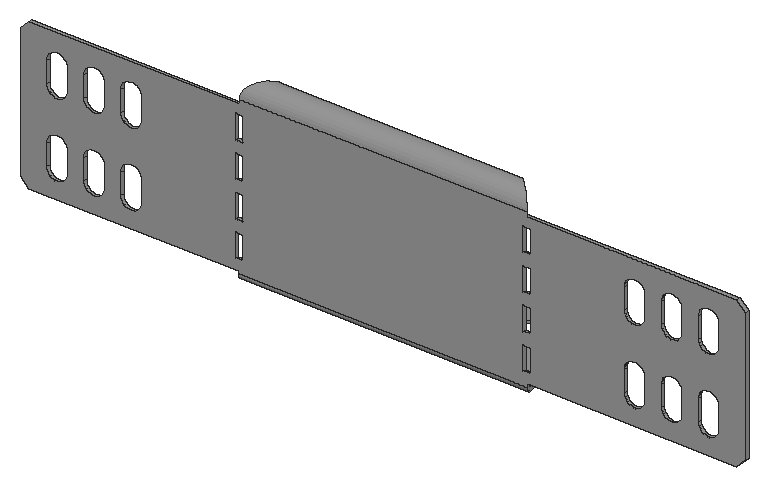
Revit family "Reduzierwinkel_Endabschluss RWEB 615 FS", category Generic Models, Revit 2017
Family settings
  Can host rebar = No
  Round Connector Dimension = Use Diameter
  Part Type = Normal
  Work Plane-Based = No
  Always vertical = Yes
  Cut with Voids When Loaded = No
  Shared = No
  Room Calculation Point = No
Parameters (values of type "RWEB 615 FS")
  URL = "http://www.obo-bettermann.com"
  Material = Strip galvanised
  Manufacturer Art.No. = "7109156"
  Manufacturer = "OBO BETTERMANN"
  GTIN = "4012196241699"
  Cut's number 2 = 3
  Cut's number = 2
  Article Type = "RWEB 615 FS"
Reference planes
  plane 1 "Center (Front/Back)": y = 0
  plane 2: z = 0
  plane 3 "Center (Left/Right)": x = 0
  plane 4: y = 12.5
  plane 5: x = 245
  plane 6: x = 122.5
  plane 7: x = 73.76
  plane 8: x = 171.24
  plane 9: z = 3
  plane 10: x = 122.5
  plane 11: x = 171
  plane 12: x = 74
  plane 13: z = 28.014
  plane 14: z = 40.514
  plane 15: z = 15.514
  plane 16: x = 12.5
  plane 17: z = 28.014
  plane 18: z = 40.514
  plane 19: z = 15.514
  plane 20: x = 25
  plane 21: z = 28.014
  plane 22: z = 40.514
  plane 23: z = 15.514
  plane 24: x = 37.501
  plane 25: z = 3.014
  plane 26: z = 15.514
  plane 27: z = -9.486
  plane 28: x = 12.5
  plane 29: z = 3.014
  plane 30: z = 15.514
  plane 31: z = -9.486
  plane 32: x = 25
  plane 33: z = 3.014
  plane 34: z = 15.514
  plane 35: z = -9.486
  plane 36: x = 37.501
  plane 37: z = 28.014
  plane 38: z = 40.514
  plane 39: z = 15.514
  plane 40: x = 232.5
  plane 41: z = 28.014
  plane 42: z = 40.514
  plane 43: z = 15.514
  plane 44: x = 220
  plane 45: z = 28.014
  plane 46: z = 40.514
  plane 47: z = 15.514
  plane 48: x = 207.499
  plane 49: z = 3.014
  plane 50: z = 15.514
  plane 51: z = -9.486
  plane 52: x = 232.5
  plane 53: z = 3.014
  plane 54: z = 15.514
  plane 55: z = -9.486
  plane 56: x = 220
  plane 57: z = 3.014
  plane 58: z = 15.514
  plane 59: z = -9.486
  plane 60: x = 207.499
  plane 61: z = 6.5
  plane 62: z = 18.454
  plane 63: z = 30.408
  plane 64: z = 42.428
  plane 65: z = 6.5
  plane 66: z = 18.454
  plane 67: z = 30.408
  plane 68: z = 42.428
  plane 69: y = 25
  plane 70: x = 147.5
  plane 71: x = 97.5
  plane 72: y = 25
  plane 73: x = 172.5
  plane 74: x = 122.5
  plane 75: y = 25
  plane 76: x = 122.5
  plane 77: x = 72.5
Forms (mm)
  Extrusion 1, solid, material "Strip galvanised" <- "Material"
    sketch origin (0, 0, 0) x (0, 1, 0) y (0, 0, 1)
      loop
        line (2, 0) -> (40, 0) -> (40, 1) -> (2, 1)
        arc (2, 1) -> (1.293, 1.293) -> (1, 2) r 1
        line (1, 2) -> (1, 55)
        arc (1, 55) -> (3.179, 58.561) -> (7.341, 58.243) r 4
        line (7.341, 58.243) -> (11.793, 53.792) -> (12.5, 54.499) -> (7.995, 59.004)
        arc (7.995, 59.004) -> (2.761, 59.471) -> (0, 55) r 5
        line (0, 55) -> (0, 2)
        arc (0, 2) -> (0.586, 0.586) -> (2, 0) r 2
    from 0 to 245
  Extrusion 2, void
    sketch origin (0, 0, 0) x (1, 0, 0) y (0, 1, 0)
      loop
        line (171.24, 0) -> (245, 0) -> (245, 40) -> (160.522, 40) -> (171.24, 0)
      loop
        line (73.76, 0) -> (84.478, 40) -> (0, 40) -> (0, 0) -> (73.76, 0)
    from 0 to 3
  Extrusion 3, void
    sketch origin (0, 0, 0) x (1, 0, 0) y (0, 1, 0)
      loop
        line (171, 0) -> (245, 0) -> (245, 12.5) -> (158.5, 12.5) -> (171, 0)
      loop
        line (0, 0) -> (74, 0) -> (86.5, 12.5) -> (0, 12.5) -> (0, 0)
    from 53.514 to 60.372
  Extrusion 4, void
    sketch origin (0, 0, 0) x (1, 0, 0) y (0, 0, 1)
      loop
        line (245, 53.514) -> (242.037, 53.514) -> (245, 50.551) -> (245, 53.514)
      loop
        line (0, 53.514) -> (0, 50.562) -> (2.952, 53.514) -> (0, 53.514)
      loop
        line (0, 3) -> (2.978, 3) -> (0, 5.978) -> (0, 3)
      loop
        line (245, 3) -> (245, 6.002) -> (241.998, 3) -> (245, 3)
    from 0 to -1
  Extrusion 5, void
    sketch origin (245, 0, 0) x (-1, 0, 0) y (0, 0, 1)
      loop
        line (236, 37.014) -> (236, 44.014)
        arc (236, 44.014) -> (232.5, 47.514) -> (229, 44.014) r 3.5
        line (229, 44.014) -> (229, 37.014)
        arc (229, 37.014) -> (232.5, 33.514) -> (236, 37.014) r 3.5
    from 1 to 0
  Extrusion 6, void
    sketch origin (232.5, 0, 0) x (-1, 0, 0) y (0, 0, 1)
      loop
        line (210.999, 37.014) -> (210.999, 44.014)
        arc (210.999, 44.014) -> (207.499, 47.514) -> (203.999, 44.014) r 3.5
        line (203.999, 44.014) -> (203.999, 37.014)
        arc (203.999, 37.014) -> (207.499, 33.514) -> (210.999, 37.014) r 3.5
    from 1 to 0
  Extrusion 7, void
    sketch origin (219.999, 0, 0) x (-1, 0, 0) y (0, 0, 1)
      loop
        line (185.998, 37.014) -> (185.998, 44.014)
        arc (185.998, 44.014) -> (182.498, 47.514) -> (178.998, 44.014) r 3.5
        line (178.998, 44.014) -> (178.998, 37.014)
        arc (178.998, 37.014) -> (182.498, 33.514) -> (185.998, 37.014) r 3.5
    from 1 to 0
  Extrusion 8, void
    sketch origin (0, 0, -25) x (1, 0, 0) y (0, 0, 1)
      loop
        arc (9, 37.014) -> (12.5, 33.514) -> (16, 37.014) r 3.5
        line (16, 37.014) -> (16, 44.014)
        arc (16, 44.014) -> (12.5, 47.514) -> (9, 44.014) r 3.5
        line (9, 44.014) -> (9, 37.014)
    from 0 to -1
  Extrusion 9, void
    sketch origin (12.5, 0, -25) x (1, 0, 0) y (0, 0, 1)
      loop
        arc (9, 37.014) -> (12.5, 33.514) -> (16, 37.014) r 3.5
        line (16, 37.014) -> (16, 44.014)
        arc (16, 44.014) -> (12.5, 47.514) -> (9, 44.014) r 3.5
        line (9, 44.014) -> (9, 37.014)
    from 0 to -1
  Extrusion 10, void
    sketch origin (25.001, 0, -25) x (1, 0, 0) y (0, 0, 1)
      loop
        arc (9, 37.014) -> (12.5, 33.514) -> (16, 37.014) r 3.5
        line (16, 37.014) -> (16, 44.014)
        arc (16, 44.014) -> (12.5, 47.514) -> (9, 44.014) r 3.5
        line (9, 44.014) -> (9, 37.014)
    from 0 to -1
  Extrusion 11, void
    sketch origin (0, 0, 0) x (1, 0, 0) y (0, 0, 1)
      loop
        line (236, 37.014) -> (236, 44.014)
        arc (236, 44.014) -> (232.5, 47.514) -> (229, 44.014) r 3.5
        line (229, 44.014) -> (229, 37.014)
        arc (229, 37.014) -> (232.5, 33.514) -> (236, 37.014) r 3.5
    from 0 to -1
  Extrusion 12, void
    sketch origin (12.5, 0, 0) x (1, 0, 0) y (0, 0, 1)
      loop
        line (210.999, 37.014) -> (210.999, 44.014)
        arc (210.999, 44.014) -> (207.499, 47.514) -> (203.999, 44.014) r 3.5
        line (203.999, 44.014) -> (203.999, 37.014)
        arc (203.999, 37.014) -> (207.499, 33.514) -> (210.999, 37.014) r 3.5
    from 0 to -1
  Extrusion 13, void
    sketch origin (25.001, 0, 0) x (1, 0, 0) y (0, 0, 1)
      loop
        line (185.998, 37.014) -> (185.998, 44.014)
        arc (185.998, 44.014) -> (182.498, 47.514) -> (178.998, 44.014) r 3.5
        line (178.998, 44.014) -> (178.998, 37.014)
        arc (178.998, 37.014) -> (182.498, 33.514) -> (185.998, 37.014) r 3.5
    from 0 to -1
  Extrusion 14, void
    sketch origin (0, 0, -25) x (1, 0, 0) y (0, 0, 1)
      loop
        line (236, 37.014) -> (236, 44.014)
        arc (236, 44.014) -> (232.5, 47.514) -> (229, 44.014) r 3.5
        line (229, 44.014) -> (229, 37.014)
        arc (229, 37.014) -> (232.5, 33.514) -> (236, 37.014) r 3.5
    from 0 to -1
  Extrusion 15, void
    sketch origin (12.5, 0, -25) x (1, 0, 0) y (0, 0, 1)
      loop
        line (210.999, 37.014) -> (210.999, 44.014)
        arc (210.999, 44.014) -> (207.499, 47.514) -> (203.999, 44.014) r 3.5
        line (203.999, 44.014) -> (203.999, 37.014)
        arc (203.999, 37.014) -> (207.499, 33.514) -> (210.999, 37.014) r 3.5
    from 0 to -1
  Extrusion 16, void
    sketch origin (25.001, 0, -25) x (1, 0, 0) y (0, 0, 1)
      loop
        line (185.998, 37.014) -> (185.998, 44.014)
        arc (185.998, 44.014) -> (182.498, 47.514) -> (178.998, 44.014) r 3.5
        line (178.998, 44.014) -> (178.998, 37.014)
        arc (178.998, 37.014) -> (182.498, 33.514) -> (185.998, 37.014) r 3.5
    from 0 to -1
  Extrusion 17, void
    sketch origin (0, 0, 0) x (1, 0, 0) y (0, 0, 1)
      loop
        line (72.75, 6.5) -> (75.25, 6.5) -> (75.25, 14.5) -> (72.75, 14.5) -> (72.75, 6.5)
    from 0 to -1
  Extrusion 18, void
    sketch origin (0, 0, 11.954) x (1, 0, 0) y (0, 0, 1)
      loop
        line (72.75, 6.5) -> (75.25, 6.5) -> (75.25, 14.5) -> (72.75, 14.5) -> (72.75, 6.5)
    from 0 to -1
  Extrusion 19, void
    sketch origin (0, 0, 23.908) x (1, 0, 0) y (0, 0, 1)
      loop
        line (72.75, 6.5) -> (75.25, 6.5) -> (75.25, 14.5) -> (72.75, 14.5) -> (72.75, 6.5)
    from 0 to -1
  Extrusion 20, void
    sketch origin (0, 0, 35.928) x (1, 0, 0) y (0, 0, 1)
      loop
        line (72.75, 6.5) -> (75.25, 6.5) -> (75.25, 14.5) -> (72.75, 14.5) -> (72.75, 6.5)
    from 0 to -1
  Extrusion 21, void
    sketch origin (245, 0, 0) x (-1, 0, 0) y (0, 0, -1)
      loop
        line (72.75, -6.5) -> (72.75, -14.5) -> (75.25, -14.5) -> (75.25, -6.5) -> (72.75, -6.5)
    from 0 to -1
  Extrusion 22, void
    sketch origin (245, 0, 11.954) x (-1, 0, 0) y (0, 0, -1)
      loop
        line (72.75, -6.5) -> (72.75, -14.5) -> (75.25, -14.5) -> (75.25, -6.5) -> (72.75, -6.5)
    from 0 to -1
  Extrusion 23, void
    sketch origin (245, 0, 23.908) x (-1, 0, 0) y (0, 0, -1)
      loop
        line (72.75, -6.5) -> (72.75, -14.5) -> (75.25, -14.5) -> (75.25, -6.5) -> (72.75, -6.5)
    from 0 to -1
  Extrusion 24, void
    sketch origin (245, 0, 35.928) x (-1, 0, 0) y (0, 0, -1)
      loop
        line (72.75, -6.5) -> (72.75, -14.5) -> (75.25, -14.5) -> (75.25, -6.5) -> (72.75, -6.5)
    from 0 to -1
  Extrusion 25, void
    sketch origin (0, 0, 0) x (1, 0, 0) y (0, 1, 0)
      loop
        line (120.029, 27.471) -> (111.143, 18.585)
        arc (111.143, 18.585) -> (111.119, 13.77) -> (115.924, 13.473) r 3.505
        line (115.924, 13.473) -> (124.975, 22.525) -> (134.074, 31.625)
        arc (134.074, 31.625) -> (133.814, 36.314) -> (129.125, 36.574) r 3.522
        line (129.125, 36.574) -> (120.029, 27.471)
    from 1 to 0
  Extrusion 26, void
    sketch origin (25, 0, 0) x (1, 0, 0) y (0, 1, 0)
      loop
        line (120.029, 27.471) -> (111.143, 18.585)
        arc (111.143, 18.585) -> (111.119, 13.77) -> (115.924, 13.473) r 3.505
        line (115.924, 13.473) -> (124.975, 22.525) -> (134.074, 31.625)
        arc (134.074, 31.625) -> (133.814, 36.314) -> (129.125, 36.574) r 3.522
        line (129.125, 36.574) -> (120.029, 27.471)
    from 1 to 0
  Extrusion 27, void
    sketch origin (-25, 0, 0) x (1, 0, 0) y (0, 1, 0)
      loop
        line (120.029, 27.471) -> (111.143, 18.585)
        arc (111.143, 18.585) -> (111.119, 13.77) -> (115.924, 13.473) r 3.505
        line (115.924, 13.473) -> (124.975, 22.525) -> (134.074, 31.625)
        arc (134.074, 31.625) -> (133.814, 36.314) -> (129.125, 36.574) r 3.522
        line (129.125, 36.574) -> (120.029, 27.471)
    from 1 to 0
Cuts and joins
  Extrusion 2, Extrusion 3, Extrusion 4, Extrusion 5, Extrusion 6, Extrusion 7, Extrusion 8, Extrusion 9, Extrusion 10, Extrusion 11, Extrusion 12, Extrusion 13, Extrusion 14, Extrusion 15, Extrusion 16, Extrusion 17, Extrusion 18, Extrusion 19, Extrusion 20, Extrusion 21, Extrusion 22, Extrusion 23, Extrusion 24, Extrusion 25, Extrusion 26, Extrusion 27 cuts Extrusion 1
Dimensions and locks
  locked: Extrusion 1 sketch curve to Extrusion 1 sketch curve at 60
  locked: Extrusion 1 sketch curve to Extrusion 1 sketch curve at 12.5
  locked: Extrusion 1 sketch curve to Extrusion 1 sketch curve at 1  (x3)
  locked: Extrusion 1 sketch curve to Extrusion 1 sketch curve at 40
  locked: plane 5 to plane 3 "Center (Left/Right)" at 245
  locked: plane 3 "Center (Left/Right)" to plane 6 at 122.5
  plane 9 to level = 3 mm
  locked: plane 3 "Center (Left/Right)" to plane 10 at 122.5
  locked: cut or joined group 1 (Extrusion 1, Extrusion 2, Extrusion 3, Extrusion 4, Extrusion 5, Extrusion 6, Extrusion 7, Extrusion 8, Extrusion 9, Extrusion 10, Extrusion 11, Extrusion 12, Extrusion 13, Extrusion 14, Extrusion 15, Extrusion 16, Extrusion 17, Extrusion 18, Extrusion 19, Extrusion 20, Extrusion 21, Extrusion 22, Extrusion 23, Extrusion 24, Extrusion 25, Extrusion 26, Extrusion 27) to cut or joined group 1 at 50.514
  locked: Extrusion 5 sketch curve to Extrusion 5 sketch curve at 7
  locked: Extrusion 5 sketch curve to plane 16 at 3.5
  locked: Extrusion 5 sketch curve to plane 14 at 7
  locked: plane 14 to Extrusion 5 sketch curve at 7
  locked: Extrusion 6 sketch curve to Extrusion 6 sketch curve at 7
  locked: Extrusion 6 sketch curve to plane 20 at 3.5
  locked: Extrusion 6 sketch curve to plane 18 at 7
  locked: plane 18 to Extrusion 6 sketch curve at 7
  locked: Extrusion 7 sketch curve to Extrusion 7 sketch curve at 7
  locked: Extrusion 7 sketch curve to plane 24 at 3.5
  locked: Extrusion 7 sketch curve to plane 22 at 7
  locked: plane 22 to Extrusion 7 sketch curve at 7
  locked: Extrusion 8 sketch curve to Extrusion 8 sketch curve at 7
  locked: plane 28 to Extrusion 8 sketch curve at 3.5
  locked: Extrusion 8 sketch curve to plane 26 at 7
  locked: plane 26 to Extrusion 8 sketch curve at 7
  locked: Extrusion 9 sketch curve to Extrusion 9 sketch curve at 7
  locked: plane 32 to Extrusion 9 sketch curve at 3.5
  locked: Extrusion 9 sketch curve to plane 30 at 7
  locked: plane 30 to Extrusion 9 sketch curve at 7
  locked: Extrusion 10 sketch curve to Extrusion 10 sketch curve at 7
  locked: plane 36 to Extrusion 10 sketch curve at 3.5
  locked: Extrusion 10 sketch curve to plane 34 at 7
  locked: plane 34 to Extrusion 10 sketch curve at 7
  locked: Extrusion 11 sketch curve to Extrusion 11 sketch curve at 7
  locked: Extrusion 11 sketch curve to plane 40 at 3.5
  locked: Extrusion 11 sketch curve to plane 38 at 7
  locked: plane 38 to Extrusion 11 sketch curve at 7
  locked: Extrusion 12 sketch curve to Extrusion 12 sketch curve at 7
  locked: Extrusion 12 sketch curve to plane 44 at 3.5
  locked: Extrusion 12 sketch curve to plane 42 at 7
  locked: plane 42 to Extrusion 12 sketch curve at 7
  locked: Extrusion 13 sketch curve to Extrusion 13 sketch curve at 7
  locked: Extrusion 13 sketch curve to plane 48 at 3.5
  locked: Extrusion 13 sketch curve to plane 46 at 7
  locked: plane 46 to Extrusion 13 sketch curve at 7
  locked: Extrusion 14 sketch curve to Extrusion 14 sketch curve at 7
  locked: Extrusion 14 sketch curve to plane 52 at 3.5
  locked: Extrusion 14 sketch curve to plane 50 at 7
  locked: plane 50 to Extrusion 14 sketch curve at 7
  locked: Extrusion 15 sketch curve to Extrusion 15 sketch curve at 7
  locked: Extrusion 15 sketch curve to plane 56 at 3.5
  locked: Extrusion 15 sketch curve to plane 54 at 7
  locked: plane 54 to Extrusion 15 sketch curve at 7
  locked: Extrusion 16 sketch curve to Extrusion 16 sketch curve at 7
  locked: Extrusion 16 sketch curve to plane 60 at 3.5
  locked: Extrusion 16 sketch curve to plane 58 at 7
  locked: plane 58 to Extrusion 16 sketch curve at 7
  locked: Extrusion 17 sketch curve to Extrusion 17 sketch curve at 2.5
  Extrusion 17 sketch curve to plane 61 = 8 mm
  locked: Extrusion 18 sketch curve to Extrusion 18 sketch curve at 2.5
  Extrusion 18 sketch curve to plane 62 = 8 mm
  locked: Extrusion 19 sketch curve to Extrusion 19 sketch curve at 2.5
  Extrusion 19 sketch curve to plane 63 = 8 mm
  locked: Extrusion 20 sketch curve to Extrusion 20 sketch curve at 2.5
  Extrusion 20 sketch curve to plane 64 = 8 mm
  locked: Extrusion 21 sketch curve to Extrusion 21 sketch curve at 2.5
  plane 65 to Extrusion 21 sketch curve = 8 mm
  locked: Extrusion 22 sketch curve to Extrusion 22 sketch curve at 2.5
  plane 66 to Extrusion 22 sketch curve = 8 mm
  locked: Extrusion 23 sketch curve to Extrusion 23 sketch curve at 2.5
  Extrusion 23 sketch curve to plane 67 = 8 mm
  locked: Extrusion 24 sketch curve to Extrusion 24 sketch curve at 2.5
  Extrusion 24 sketch curve to plane 68 = 8 mm
  group 6 to group 5 = 25 mm
  group 5 to group 6 = 0 mm  (x2)
  radius of Extrusion 1 sketch curve = 4 mm
  locked: plane 11 to Extrusion 3 sketch curve (angle 45.00°)
  locked: Extrusion 3 sketch curve to plane 12 (angle 45.00°)
  aligned and locked: level to plane 2
  aligned and locked: Extrusion 1 to level
  aligned and locked: plane 1 "Center (Front/Back)" to Extrusion 1
  aligned and locked: plane 5 to Extrusion 1
  aligned and locked: Extrusion 1 to plane 3 "Center (Left/Right)"
  aligned and locked: Extrusion 2 to level
  aligned and locked: Extrusion 2 to plane 9
  aligned and locked: Extrusion 2 to plane 2
  aligned and locked: plane 1 "Center (Front/Back)" to Extrusion 2
  aligned and locked: plane 1 "Center (Front/Back)" to Extrusion 3
  aligned and locked: plane 1 "Center (Front/Back)" to Extrusion 4
  aligned and locked: Extrusion 1 to Extrusion 4
  aligned and locked: Extrusion 1 to Extrusion 20
  aligned and locked: Extrusion 1 to Extrusion 19
  aligned and locked: Extrusion 1 to Extrusion 18
  aligned and locked: Extrusion 1 to Extrusion 17
  aligned and locked: plane 1 "Center (Front/Back)" to Extrusion 7
  aligned and locked: plane 1 "Center (Front/Back)" to Extrusion 6
  aligned and locked: Extrusion 1 to Extrusion 5
  aligned and locked: plane 1 "Center (Front/Back)" to Extrusion 5
  aligned and locked: Extrusion 1 to Extrusion 25
  aligned and locked: Extrusion 25 to level
Automatic sketch dimensions
  Extrusion 1 sketch curve to Extrusion 1 sketch curve = 0 mm  (x4)
  Extrusion 1 sketch curve to plane 1 "Center (Front/Back)" = 0 mm
  Extrusion 1 sketch curve to level = 0 mm
  Extrusion 1 sketch curve to plane 9 = 1 mm
  Extrusion 1 sketch curve to Extrusion 1 sketch curve = 2.341 mm
  level to Extrusion 1 sketch curve = 59.004 mm
  Extrusion 2 sketch curve to plane 3 "Center (Left/Right)" = 0 mm
  plane 1 "Center (Front/Back)" to Extrusion 2 sketch curve = 0 mm  (x2)
  Extrusion 2 sketch curve to plane 7 = 0 mm
  Extrusion 2 sketch curve to plane 8 = 0 mm
  Extrusion 2 sketch curve to plane 5 = 0 mm
  plane 12 to Extrusion 2 sketch curve = 10.478 mm
  Extrusion 2 sketch curve to plane 11 = 10.478 mm
  Extrusion 2 sketch curve to plane 1 "Center (Front/Back)" = 40 mm  (x2)
  plane 1 "Center (Front/Back)" to Extrusion 3 sketch curve = 0 mm  (x2)
  Extrusion 3 sketch curve to plane 3 "Center (Left/Right)" = 0 mm
  Extrusion 3 sketch curve to plane 12 = 0 mm
  Extrusion 3 sketch curve to plane 11 = 0 mm
  Extrusion 3 sketch curve to plane 5 = 0 mm
  Extrusion 3 sketch curve to plane 1 "Center (Front/Back)" = 12.5 mm  (x2)
  Extrusion 4 sketch curve to plane 3 "Center (Left/Right)" = 0 mm  (x2)
  Extrusion 4 sketch curve to plane 9 = 0 mm  (x2)
  Extrusion 4 sketch curve to plane 5 = 0 mm  (x2)
  plane 3 "Center (Left/Right)" to Extrusion 4 sketch curve = 2.952 mm
  plane 3 "Center (Left/Right)" to Extrusion 4 sketch curve = 2.978 mm
  Extrusion 4 sketch curve to plane 5 = 3.002 mm
  Extrusion 4 sketch curve to Extrusion 4 sketch curve = 2.963 mm  (x2)
  Extrusion 4 sketch curve to Extrusion 4 sketch curve = 2.978 mm
  plane 9 to Extrusion 4 sketch curve = 3.002 mm
  Extrusion 4 sketch curve to Extrusion 4 sketch curve = 44.549 mm
  Extrusion 4 sketch curve to Extrusion 4 sketch curve = 44.584 mm
  Extrusion 4 sketch curve to Extrusion 4 sketch curve = 2.952 mm
  Extrusion 17 sketch curve to plane 61 = 0 mm
  Extrusion 17 sketch curve to plane 12 = 1.25 mm
  Extrusion 17 sketch curve to Extrusion 17 sketch curve = 8 mm
  Extrusion 18 sketch curve to plane 62 = 0 mm
  Extrusion 18 sketch curve to plane 12 = 1.25 mm
  Extrusion 18 sketch curve to Extrusion 18 sketch curve = 8 mm
  Extrusion 19 sketch curve to plane 63 = 0 mm
  Extrusion 19 sketch curve to plane 12 = 1.25 mm
  Extrusion 19 sketch curve to Extrusion 19 sketch curve = 8 mm
  Extrusion 20 sketch curve to plane 64 = 0 mm
  Extrusion 20 sketch curve to plane 12 = 1.25 mm
  Extrusion 20 sketch curve to Extrusion 20 sketch curve = 8 mm
  Extrusion 21 sketch curve to plane 65 = 0 mm
  plane 11 to Extrusion 21 sketch curve = 1.25 mm
  Extrusion 21 sketch curve to Extrusion 21 sketch curve = 8 mm
  Extrusion 22 sketch curve to plane 66 = 0 mm
  plane 11 to Extrusion 22 sketch curve = 1.25 mm
  Extrusion 22 sketch curve to Extrusion 22 sketch curve = 8 mm
  Extrusion 23 sketch curve to plane 67 = 0 mm
  Extrusion 23 sketch curve to plane 11 = 1.25 mm
  Extrusion 23 sketch curve to Extrusion 23 sketch curve = 8 mm
  Extrusion 24 sketch curve to plane 68 = 0 mm
  Extrusion 24 sketch curve to plane 11 = 1.25 mm
  Extrusion 24 sketch curve to Extrusion 24 sketch curve = 8 mm
  Extrusion 25 sketch curve to Extrusion 25 sketch curve = 2.246 mm
  Extrusion 25 sketch curve to Extrusion 25 sketch curve = 2.199 mm  (x2)
  plane 69 to Extrusion 25 sketch curve = 6.625 mm
  Extrusion 25 sketch curve to Extrusion 25 sketch curve = 2.751 mm
  Extrusion 25 sketch curve to plane 69 = 2.475 mm
  Extrusion 25 sketch curve to Extrusion 25 sketch curve = 2.691 mm
  plane 69 to Extrusion 25 sketch curve = 2.471 mm
  Extrusion 25 sketch curve to Extrusion 25 sketch curve = 2.536 mm
  Extrusion 25 sketch curve to plane 69 = 6.415 mm
  plane 71 to Extrusion 25 sketch curve = 13.643 mm
  Extrusion 25 sketch curve to Extrusion 25 sketch curve = 8.886 mm
  Extrusion 25 sketch curve to Extrusion 25 sketch curve = 4.946 mm
  Extrusion 25 sketch curve to Extrusion 25 sketch curve = 9.096 mm
  Extrusion 26 sketch curve to Extrusion 26 sketch curve = 2.246 mm
  Extrusion 26 sketch curve to Extrusion 26 sketch curve = 2.199 mm  (x2)
  plane 72 to Extrusion 26 sketch curve = 6.625 mm
  Extrusion 26 sketch curve to Extrusion 26 sketch curve = 2.751 mm
  Extrusion 26 sketch curve to plane 72 = 2.475 mm
  Extrusion 26 sketch curve to Extrusion 26 sketch curve = 2.691 mm
  plane 72 to Extrusion 26 sketch curve = 2.471 mm
  Extrusion 26 sketch curve to Extrusion 26 sketch curve = 2.536 mm
  Extrusion 26 sketch curve to plane 72 = 6.415 mm
  plane 74 to Extrusion 26 sketch curve = 13.643 mm
  Extrusion 26 sketch curve to Extrusion 26 sketch curve = 8.886 mm
  Extrusion 26 sketch curve to Extrusion 26 sketch curve = 4.946 mm
  Extrusion 26 sketch curve to Extrusion 26 sketch curve = 9.096 mm
  Extrusion 27 sketch curve to Extrusion 27 sketch curve = 2.246 mm
  Extrusion 27 sketch curve to Extrusion 27 sketch curve = 2.199 mm  (x2)
  plane 75 to Extrusion 27 sketch curve = 6.625 mm
  Extrusion 27 sketch curve to Extrusion 27 sketch curve = 2.751 mm
  Extrusion 27 sketch curve to plane 75 = 2.475 mm
  Extrusion 27 sketch curve to Extrusion 27 sketch curve = 2.691 mm
  plane 75 to Extrusion 27 sketch curve = 2.471 mm
  Extrusion 27 sketch curve to Extrusion 27 sketch curve = 2.536 mm
  Extrusion 27 sketch curve to plane 75 = 6.415 mm
  plane 77 to Extrusion 27 sketch curve = 13.643 mm
  Extrusion 27 sketch curve to Extrusion 27 sketch curve = 8.886 mm
  Extrusion 27 sketch curve to Extrusion 27 sketch curve = 4.946 mm
  Extrusion 27 sketch curve to Extrusion 27 sketch curve = 9.096 mm
